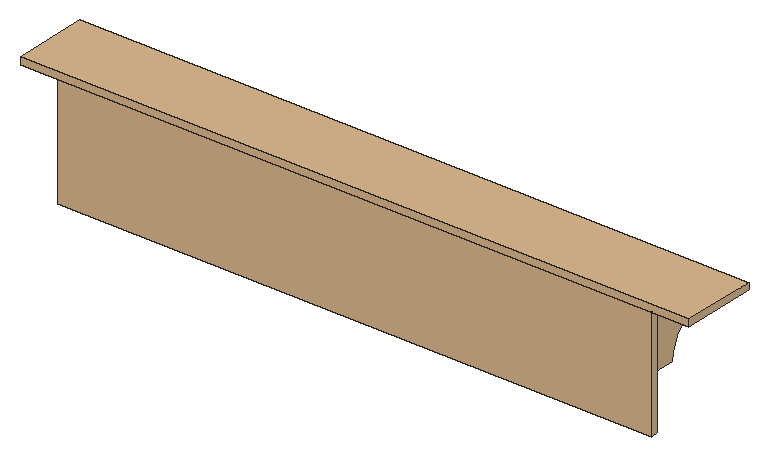
Revit family "Wall Coat Rack", category Furniture, host Wall, Revit 2021
Family settings
  Host = Wall
  Always vertical = Yes
  Cut with Voids When Loaded = No
  Shared = No
  Room Calculation Point = No
Parameters (values of type "72 wide 12 high")
  Width = 6' - 0"
  Mounting Height = 5' - 6"
  Height = 1' - 0"
  Default Elevation = 0' - 0"
Types (3): name | Height
  (no name) | 1' - 0"
  72 wide 12 high | 1' - 0"
  72 wide 8 high | 0' - 8"
Reference planes (in)
  plane 1: y = 0
  plane 2 "Center (Left/Right)": x = 0.17619
  plane 3 "Back": y = 3
  plane 4 "Left": x = 36.17619
  plane 5 "Right": x = -35.82381
  plane 6 "Top": z = 66
  plane 7 "Bottom": z = 54
  plane 8 "Left Bracket": x = 32.17619
  plane 9 "Right Bracket": x = -31.82381
  plane 10 "First Hook": x = 27.17619
  plane 11 "Last Hook": x = -26.82381
Forms (in)
  Extrusion 1, solid, material "MRB - Natural Birch Wood"
    sketch origin (0, 0, 66) x (1, 0, 0) y (0, 1, 0)
      loop
        line (-35.82381, 3) -> (36.17619, 3) -> (36.17619, 11) -> (-35.82381, 11) -> (-35.82381, 3)
    from 0 to 0.75
  Extrusion 2, solid, material "MRB - Natural Birch Wood"
    sketch origin (-60, 3, 0) x (-1, 0, 0) y (0, 0, 1)
      loop
        line (-92.17619, 54) -> (-28.17619, 54) -> (-28.17619, 66) -> (-92.17619, 66) -> (-92.17619, 54)
    from 0 to 0.75
  Extrusion 3, solid, material "MRB - Natural Birch Wood"
    sketch origin (32.17619, 0, 0) x (0, 0, 1) y (0, 1, 0)
      loop
        line (66, 3.75) -> (66, 9.75) -> (64, 9.75)
        arc (64, 9.75) -> (62.82843, 6.92157) -> (60, 5.75) r 4
        line (60, 5.75) -> (60, 3.75) -> (66, 3.75)
    from 0 to 0.75
  Extrusion 4, solid, material "MRB - Natural Birch Wood"
    sketch origin (-31.82381, 0, 0) x (0, 0, 1) y (0, 1, 0)
      loop
        line (66, 3.75) -> (66, 9.75) -> (64, 9.75)
        arc (64, 9.75) -> (62.82843, 6.92157) -> (60, 5.75) r 4
        line (60, 5.75) -> (60, 3.75) -> (66, 3.75)
    from 0 to -0.75
Lines and regions (in)
  symbolic lines, style "Overhead Items"
    curve 1: line (-35.82381, 11, 0) -> (36.17619, 11, 0)
    curve 2: line (-35.82381, 3, 0) -> (-35.82381, 11, 0)
    curve 3: line (36.17619, 3, 0) -> (-35.82381, 3, 0)
    curve 4: line (36.17619, 11, 0) -> (36.17619, 3, 0)
  model lines, style "InvisibleLines"
    curve 5: line (0.17619, 3, 0) -> (0.17619, 3, 54)
Text (in)
  text "Placement Side" at (0, 40.15149, 123.01588), in view "Right"
  text "Placement Side" at (-58.6842, 42.74981, 0), in view "Ref. Level"
  text "Placement Side" at (0, 47.49176, 140.59947), in view "Left"
Dimensions and locks (in)
  locked: plane 3 "Back" to host wall
  locked: plane 8 "Left Bracket" to plane 4 "Left" at 4
  locked: plane 5 "Right" to plane 9 "Right Bracket" at 4
  "Height": plane 7 "Bottom" to plane 6 "Top"
  equal spacing: plane 5 "Right", plane 2 "Center (Left/Right)", plane 4 "Left"
  "Width": plane 5 "Right" to plane 4 "Left"
  "Mounting Height": level to plane 6 "Top"
  plane 10 "First Hook" to plane 8 "Left Bracket" = 0' - 5"
  plane 9 "Right Bracket" to plane 11 "Last Hook" = 0' - 5"
  aligned and locked: Extrusion 1 to plane 6 "Top"
  aligned and locked: Extrusion 1 to plane 4 "Left"
  aligned and locked: plane 5 "Right" to Extrusion 1
  aligned and locked: Extrusion 2 to plane 8 "Left Bracket"
  aligned and locked: plane 9 "Right Bracket" to Extrusion 2
  aligned and locked: plane 6 "Top" to Extrusion 2
  aligned and locked: Extrusion 2 to plane 7 "Bottom"
  aligned and locked: curve 1 to Extrusion 1  (x2)
  aligned and locked: Extrusion 1 to curve 4
  aligned and locked: curve 4 to Extrusion 1
Automatic sketch dimensions
  Extrusion 1 sketch curve to plane 5 "Right" = 0' - 0"
  Extrusion 1 sketch curve to plane 4 "Left" = 0' - 0"
  Extrusion 1 sketch curve to host wall = 0' - 0"
  host wall to Extrusion 1 sketch curve = 0' - 8"
  Extrusion 3 sketch curve to plane 6 "Top" = 0' - 0"
  Extrusion 3 sketch curve to Extrusion 3 sketch curve = 0' - 2"
  host wall to Extrusion 3 sketch curve = 0' - 2 3/4"
  Extrusion 3 sketch curve to Extrusion 3 sketch curve = 0' - 4"
  host wall to Extrusion 3 sketch curve = 0' - 0 3/4"
  Extrusion 4 sketch curve to plane 6 "Top" = 0' - 0"
  Extrusion 4 sketch curve to Extrusion 4 sketch curve = 0' - 2"
  host wall to Extrusion 4 sketch curve = 0' - 2 3/4"
  Extrusion 4 sketch curve to Extrusion 4 sketch curve = 0' - 4"
  host wall to Extrusion 4 sketch curve = 0' - 0 3/4"
  curve 5 to plane 2 "Center (Left/Right)" = 0' - 0"
  curve 5 to level = 0' - 0"
  curve 5 to plane 7 "Bottom" = 0' - 0"
  Extrusion 2 sketch curve to plane 6 "Top" = 0' - 0"
  plane 8 "Left Bracket" to Extrusion 2 sketch curve = 0' - 0"
  plane 9 "Right Bracket" to Extrusion 2 sketch curve = 0' - 0"
  Extrusion 2 sketch curve to plane 7 "Bottom" = 0' - 0"
